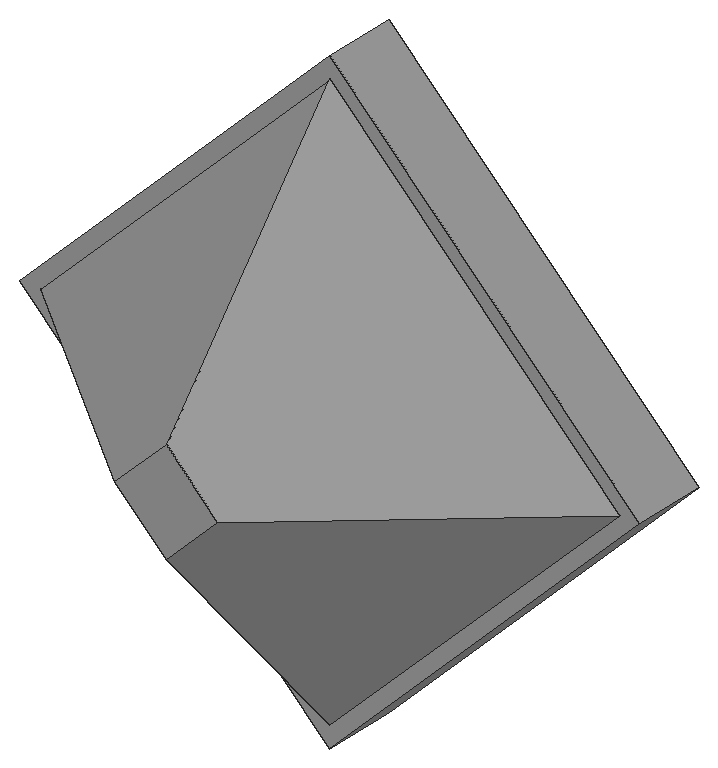
Revit family "GD BOLT 2", category Generic Models, Revit 2013
Parameters
  Ironmongery Finish = Default
Reference planes
  plane 1 "Center (Front/Back)": y = 0
  plane 2: z = 0
  plane 3 "Center (Left/Right)": x = 0
  plane 4: z = 15
  plane 5: z = -15
  plane 6: x = -15
  plane 7: x = 15
  plane 8 "Front Face": y = -5
Forms (mm)
  Extrusion 1, solid, material "Default" <- "Ironmongery Finish"
    sketch origin (0, 0, 0) x (0.707107, 0, 0.707107) y (-0.707107, 0, 0.707107)
      loop
        line (-15, 15) -> (-15, -15) -> (15, -15) -> (15, 15) -> (-15, 15)
    from 0 to 5
  Blend 2, solid, material "Default" <- "Ironmongery Finish"
    base sketch origin (0, -5, 0) x (0.707107, 0, 0.707107) y (-0.707107, 0, 0.707107)
      loop
        line (-14, 14) -> (-14, -14) -> (14, -14) -> (14, 14) -> (-14, 14)
    top sketch origin (0, -5, 0) x (0.707107, 0, 0.707107) y (-0.707107, 0, 0.707107)
      loop
        line (-2.5, 2.5) -> (-2.5, -2.5) -> (2.5, -2.5) -> (2.5, 2.5) -> (-2.5, 2.5)
    from 0 to 14
Dimensions and locks
  aligned and locked: level to plane 2
